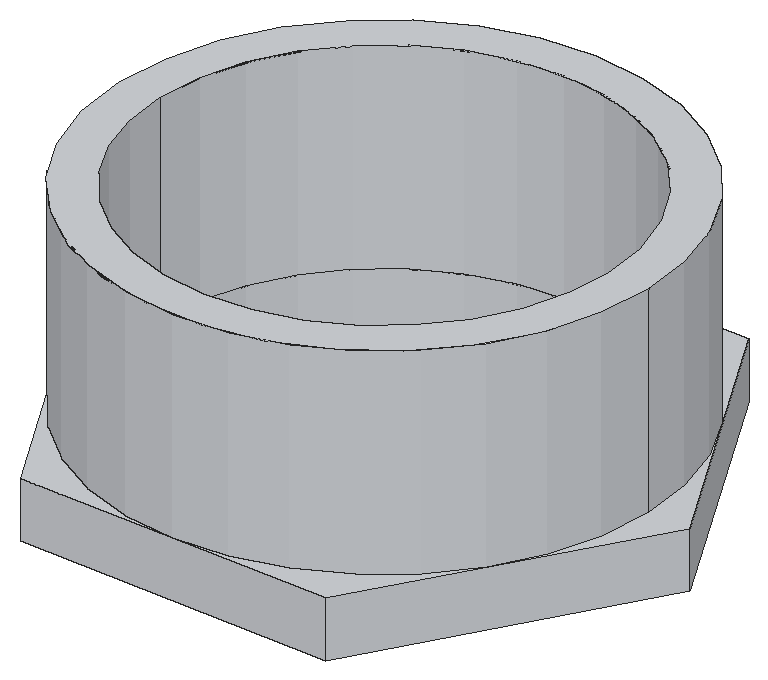
Revit family "MBBS3", category Generic Models, Revit 2017
Family settings
  Can host rebar = No
  Round Connector Dimension = Use Diameter
  Part Type = Normal
  Work Plane-Based = Yes
  Always vertical = No
  Cut with Voids When Loaded = No
  Shared = No
  Room Calculation Point = No
Parameters (values of type "NBS Standard Parameters")
  Weight = "0.019Kg"
  WarrantyStartDate [instance] = "1900-12-31T23:59:59"
  WarrantyGuarantorParts = "n/a"
  WarrantyGuarantorLabor = "n/a"
  WarrantyDurationUnit = "1 year"
  WarrantyDurationParts = "1 year"
  WarrantyDurationLabor = "n/a"
  WarrantyDescription = "n/a"
  Version = "1"
  Uniclass2 = "Pr_65_70_11_20"
  TagNumber [instance] = "n/a"
  SustainabilityPerformance = "n/a"
  Size = "32mm"
  Shape = "n/a"
  SerialNumber [instance] = "n/a"
  Revision = "n/a"
  ReplacementCost = "n/a"
  ProductInformation = "www.metpro.co.uk/pdf/mbbs3.pdf"
  NominalWidth = 33 mm
  NominalLength = 33 mm
  NominalHeight = 16 mm
  Name = ""
  NBSTypeID = ""
  NBSReference = "90-55-10/460"
  NBSOfficeMasterTag = ""
  NBSNote = ""
  NBSDescription = "Conduit Fittings"
  NBSCertification = ""
  ModelReference = "MBBS3"
  ModelNumber = "n/a"
  Material = "Brass"
  ManufacturerURL = "www.metpro.co.uk"
  ManufacturerName = "Metpro Ltd"
  InstallationDate [instance] = "1900-12-31T23:59:59"
  IfcExportType = ""
  IfcExportAs = ""
  Grade = "n/a"
  Finish = "self Colour"
  Features = "n/a"
  ExpectedLife = "n/a"
  DurationUnit = "year"
  Description = "MBBS3 - 32mm Male Brass Bush - Short"
  Default Elevation = 1219.2 mm
  Constituents = "n/a"
  Color = "n/a"
  CodePerformance = "n/a"
  Category = "n/a"
  BarCode [instance] = "n/a"
  BIMObjectName = "Metpro_metprolibrary_conduitfittings_metalcomponent_brassaccessories"
  Author = "Metpro Ltd"
  AssetType = "Fixed"
  AssetIdentifier [instance] = "n/a"
  AccessibilityPerformance = "n/a"
Reference planes
  plane 1 "Center (Front/Back)": y = 0
  plane 2: z = 0
  plane 3 "Center (Left/Right)": x = 0
Forms (mm)
  Extrusion 1, solid
    sketch origin (0, 0, 0) x (1, 0, 0) y (0, 1, 0)
      loop
        circle (8.689, 13.293) r 14
      loop
        line (18.22, -3.215) -> (27.75, 13.293) -> (18.22, 29.801) -> (-0.842, 29.801) -> (-10.373, 13.293) -> (-0.842, -3.215) -> (18.22, -3.215)
    from 0 to 3.5
  Extrusion 2, solid
    sketch origin (0, 0, 3.5) x (1, 0, 0) y (0, 1, 0)
      loop
        circle (8.689, 13.293) r 14
      loop
        circle (8.689, 13.293) r 16.508
    from 0 to 12.5
Dimensions and locks
  aligned and locked: level to plane 2
